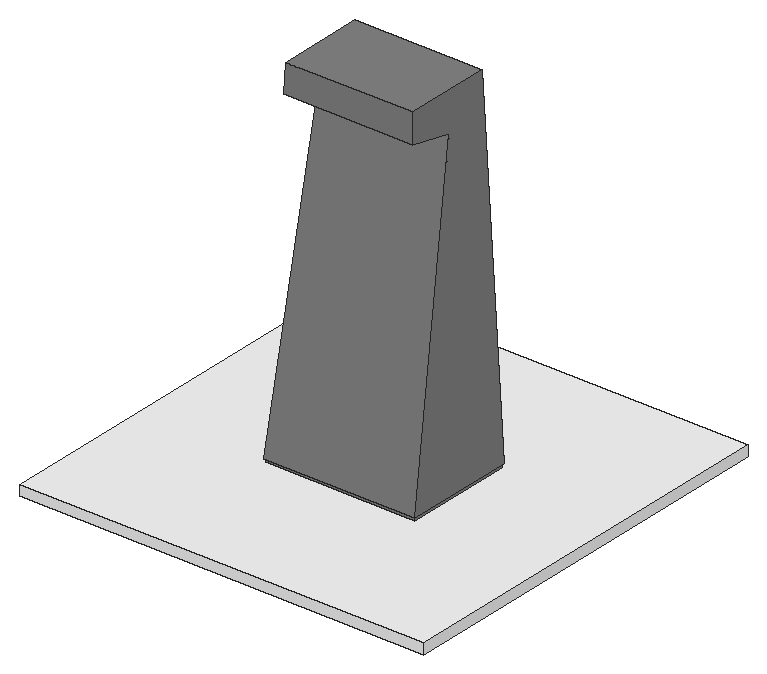
Revit family "BE_84176_de_DE", category Leuchten, Revit 2020
Family settings
  Basisbauteil = Fläche
  Bemaßung runder Anschluss = Durchmesser verwenden
  Teiletyp = Normal
  Beim Laden mit Abzugskörper schneiden = Ja
  Lichtquelle = Ja
  Gemeinsam genutzt = Nein
  Raumberechnungspunkt = Ja
Parameters (values of type "BEGA_84176_Grafit_K3")
  built-in parameter 1150104 = 18.06 (stored number, unit not read)
  Wattage = 11.6 W
  Default Elevation = 0 mm
  built-in parameter 1150113 = 1 (stored number, unit not read)
  built-in parameter 1114218 = 1 (stored number, unit not read)
  Umgebungstemperatur = "25 °C"
  URL = "https://www.bega.com/de/produkt/84176"
  Typenkommentare = "© 2022 BEGA. Wir behalten uns das Recht vor, technische Änderungen ohne vorherige Ankündigung vorzunehmen."  # constant formula
  Type Image = 84176.png
  built-in parameter 1150134 = (empty or 0)
  built-in parameter 1150109 = 1 (stored number, unit not read)
  Strom = ""
  built-in parameter 1150110 = 1 (stored number, unit not read)
  Spannung = 239.996 V
  Sonderanfertigung = no
  Seriennummer [instance] = "Hier können Sie die eindeutige Seriennummer für das Facility Management eintragen."
  Schutzklasse = "I"
  Schutzart = "IP 65"
  Scheinlast = 0 VA
  Produktdatenblatt = "https://cdn.bega.com/bega/products/84176AK3/current/documents/data-sheets/de"
  Oberflächentemperatur = ""
  Neigungswinkel = 0.00°
  Modell = "84176K3"
  Material_17 = BEGA_Reflektor
  Material_15 = BEGA_Leuchtmedium_matt
  Material_11 = BEGA_Glas_opal
  Material_09 = BEGA_Glas_klar
  Material_06 = BEGA_Oberfläche_Edelstahl_gebürstet
  Material_03 = BEGA_Oberfläche_Weiss_matt
  Material_02 = BEGA_Oberfläche_Silber_matt
  Material_01 [instance] = BEGA_Oberfläche_Grafit_matt
  M_W = no
  M_G = yes
  M_A = no
  Logo = 0
  built-in parameter 1114217 = 1 (stored number, unit not read)
  built-in parameter 1150139 = (empty or 0)
  built-in parameter 1150105 = 179.45 (stored number, unit not read)
  built-in parameter 1150114 = 1 (stored number, unit not read)
  Lumens = 2255.04 lm
  built-in parameter 1150115 = 1 (stored number, unit not read)
  Leuchtenlichtstrom = "851 lm"
  Leuchtenanzahl = ""
  Lebensdauerkriterien = "L70B50 @ 25 °C = 200000 h"
  Lastklassifizierung = Beleuchtung
  built-in parameter 1150112 = 1 (stored number, unit not read)
  Lampenlichtstrom = "2255 lm"
  Lampe = "LED 11.6 W"
  LED_Modulbezeichnung = "LED-0760/830"
  built-in parameter 1150142 = (empty or 0)
  Hersteller = "BEGA"  # constant formula
  Halbstreuwinkel = ""
  Gewicht = "2.55 kg"
  Gebrauchslageneinschränkung [instance] = ""
  Frequenz = "0/50-60 Hz"
  Farbwiedergabeindex = "CRI > 80"
  Farbtemperaturverschiebung bei Dämpfen der Lampe = <Keine Auswahl>
  Farbtemperatur = "3000 K"
  Color Filter = 16777215
  built-in parameter 1150133 = 10 (stored number, unit not read)
  Energieeffizienzklasse = "LED A++ - A"
  built-in parameter 1150137 = (empty or 0)
  built-in parameter 1150132 = (empty or 0)
  ENEC = "ja"
  Datei für fotometrisches Netz = "BE_84176K3.IES"
  CE_Konformität = "ja"
  Bestellnummer = "84176K3"
  Beschreibung_Sonderanfertigung = "Hier können Sie Informationen zur Sonderanfertigung eintragen."
  Beschreibung = "Garten- und Wegeleuchte"
  built-in parameter 1150106 = 1.7945 (stored number, unit not read)
  Befestigungsbohrung = "Ø 5 mm"
  Befestigungsabstand = "103 x 38 mm"
  Ballwurfsicher = ""
  BEGA_Intern_aus = yes
  BEGA_Intern_an = yes
  BEGA_Intern_Konstruktion = yes
  BEGA_Intern = yes
  BEGA_IES = yes
  BEGA_Dummy = no
  Anschlussleitung = ""
  Anschlussleistung [instance] = "13.6 W"
  built-in parameter 1150107 = 3000 (stored number, unit not read)
  built-in parameter 1150102 = (empty or 0)
  built-in parameter 1150138 = (empty or 0)
  Aktualisierung = "2022-05-19T04:00:07"
  Abstand_zur_angestrahlten_Fläche [instance] = ""
  AC/DC = "AC/DC"
Types (2, lengths in mm): name | Modell | M_G | M_A | Bestellnummer
  BEGA_84176_Silber_K3 | "84176AK3" | no | yes | "84176AK3"
  BEGA_84176_Grafit_K3 | "84176K3" | yes | no | "84176K3"
Reference planes
  plane 1 "Mitte (Vorne/Hinten)": y = 0
  plane 2: z = 0
  plane 3 "Mitte (Links/Rechts)": x = 0
  plane 4 "Links": x = -75
  plane 5 "Rechts": x = 74.939
  plane 6 "Unten": y = -55
  plane 7 "Oben": y = 55
  plane 8 "Vorne": z = 353.25
  plane 9 "Hinten": z = 0
Forms (mm)
  Extrusion 1, solid, material "BEGA_Platte_Weiss"
    sketch origin (0, -1119.2, 0) x (1, 0, 0) y (0, 1, 0)
      loop
        line (-200, 1319.2) -> (-200, 919.2) -> (200, 919.2) -> (200, 1319.2) -> (-200, 1319.2)
    from 0 to -10
  Extrusion 2, solid, material "BEGA_Dummy_matt", visible <- "BEGA_Dummy"
    sketch origin (80.095, -76.023, 0) x (1, 0, 0) y (0, 1, 0)
      loop
        line (-155.095, 131.023) -> (-155.095, 21.023) -> (-5.156, 21.023) -> (-5.156, 131.023) -> (-155.095, 131.023)
    from 0 to 353.25
Dimensions and locks
  plane 1 "Mitte (Vorne/Hinten)" to Extrusion 1 = 200 mm
  aligned and locked: plane 2 to Extrusion 1
  aligned and locked: level to Extrusion 1
Nested families
  nested 1: "BE_84176" at (0, 0, 0), type "BE_84176"
Connectors
  electrical at (0, 0, 0), driven by "Lastklassifizierung", driven by "Spannung", driven by "Scheinlast"
    settings: index 1, voltage 239.996 V, apparent load 0 VA, apparent load phase1 0 VA, apparent load phase2 0 VA, apparent load phase3 0 VA, power factor 1, load classification "Beleuchtung", number of poles 1, system type 31, power factor state 1, is connector primary yes, connector utility no, sub classification motor no, connector description ""
Definition of nested family "BE_84176"
  Parameters (values of type "BE_84176")
    Default Elevation = 1 mm
    URL = "http://www.bega.de/de/produkt"
    Type Comments = "© 2015 BEGA. Wir behalten uns das Recht vor, technische Änderungen ohne vorherige Ankündigung vorzunehmen. "  # constant formula
    Type Image = (empty or 0)
    Neigungswinkel_um_Z2 = 0.00°
    Neigungswinkel_um_Z1 = 0.00°
    Neigungswinkel_um_Y2 = 0.00°
    Neigungswinkel_um_Y1 = 0.00°
    Neigungswinkel_um_X2 = 0.00°
    Neigungswinkel_um_X1 = 0.00°
    Material_17 = none
    Material_15 = none
    Material_11 = none
    Material_10 = none
    Material_09 = none
    Material_06 = none
    Material_02 = none
    Material_01 = none
    M_W = yes
    M_G = yes
    M_A = yes
    Länge_Platte = 200 mm  # constant formula
    Höhe_Platte = -10 mm  # constant formula
    Manufacturer = "BEGA"  # constant formula
    Drehwinkel_um_Z2 = 0.00°
    Drehwinkel_um_Z1 = 0.00°
    Breite_Platte = 200 mm  # constant formula
  Reference planes
    plane 1 "Mitte (Oben/Unten)": y = 0
    plane 2: z = 0
    plane 3 "Mitte (Links/Rechts)": x = 0
    plane 4 "Hinten": z = -20
    plane 5 "Oben": y = 53.7
    plane 6 "Unten": y = -55
    plane 7: z = 353.25
    plane 8: x = -75
    plane 9: x = 74.939
  Forms (mm)
    Extrusion 1, solid, detail levels medium
      sketch origin (0, 0, 0) x (1, 0, 0) y (0, 1, 0)
        loop
          line (-100, 100) -> (-100, -100) -> (100, -100) -> (100, 100) -> (-100, 100)
      from 0 to -10 <- "Höhe_Platte"
    Extrusion 2, solid, material <- "Material_01", visible <- "M_G"
      sketch origin (0, 0, 0) x (1, 0, 0) y (0, 0, 1)
        loop
          line (-71.998, 3.25) -> (-59.882, 350.206) -> (59.882, 350.206) -> (71.998, 3.25) -> (75, 3.25) -> (62.778, 353.25) -> (-62.778, 353.25) -> (-75, 3.25) -> (-71.998, 3.25)
      from -57.698 to 59.769
    Extrusion 3, solid, material <- "Material_01", visible <- "M_G"
      sketch origin (0, 0, 0) x (0, 1, 0) y (0, 0, 1)
        loop
          line (-43.756, 325.25) -> (-42.288, 324.938) -> (-39.92, 328.729) -> (-37.163, 328.143) -> (-31.651, 350.25) -> (39.881, 350.25) -> (44.809, 209.123) -> (51.998, 3.25) -> (55, 3.25) -> (42.778, 353.25) -> (-42.778, 353.25) -> (-43.756, 325.25)
        loop
          line (3.381, 322.782) -> (-3.064, 321.964) -> (-3.246, 320.933) -> (-0.486, 320.347) -> (0.119, 315.843) -> (-55, 3.25) -> (-51.954, 3.25) -> (-28.18, 138.08) -> (3.132, 315.659) -> (3.381, 322.782)
      from -76.808 to 77.235
    Extrusion 4, solid, material <- "Material_10"
      sketch origin (0, 0, 0) x (0, 1, 0) y (0, 0, 1)
        loop
          line (-3.375, 321.983) -> (-36.632, 329.052) -> (-36.84, 328.074) -> (-39.628, 328.666) -> (-40.459, 324.754) -> (-1.627, 316.5) -> (-0.795, 320.412) -> (-3.583, 321.005) -> (-3.375, 321.983)
      from -60.4 to 60.4
    Extrusion 5, solid, material <- "Material_01"
      sketch origin (0, 0, 0) x (1, 0, 0) y (0, 1, 0)
        loop
          circle (0, 0) r 21.75
        loop
          line (-51.5, -38) -> (-51.5, -49.5) -> (-18.5, -49.5) -> (-18.5, -38) -> (-51.5, -38)
        loop
          line (18.5, -49.5) -> (51.5, -49.5) -> (51.5, -38) -> (18.5, -38) -> (18.5, -49.5)
        loop
          arc (-6.859, -38.9) -> (0, -39.5) -> (6.859, -38.9) r 39.5
          arc (6.859, -38.9) -> (10.509, -33.683) -> (5.289, -30.038) r 4.5
          arc (5.289, -30.038) -> (-0.007, -30.5) -> (-5.304, -30.035) r 30.5
          arc (-5.304, -30.035) -> (-10.51, -33.691) -> (-6.859, -38.9) r 4.5
        loop
          arc (51.89, -27.012) -> (54.971, -20.012) -> (57.112, -12.669) r 58.5
          arc (57.112, -12.669) -> (54.457, -8.488) -> (50.279, -11.147) r 3.5
          arc (50.279, -11.147) -> (48.395, -17.611) -> (45.684, -23.774) r 51.5
          arc (45.684, -23.774) -> (47.166, -28.499) -> (51.89, -27.012) r 3.5
        loop
          arc (37.118, 13.51) -> (34.205, 19.756) -> (30.25, 25.4) r 39.5
          arc (30.25, 25.4) -> (23.914, 25.94) -> (23.364, 19.605) r 4.5
          arc (23.364, 19.605) -> (26.417, 15.245) -> (28.665, 10.42) r 30.5
          arc (28.665, 10.42) -> (34.434, 7.744) -> (37.118, 13.51) r 4.5
        loop
          arc (50.279, 11.147) -> (54.457, 8.488) -> (57.112, 12.669) r 3.5
          arc (57.112, 12.669) -> (54.971, 20.012) -> (51.89, 27.012) r 58.5
          arc (51.89, 27.012) -> (47.166, 28.499) -> (45.684, 23.774) r 3.5
          arc (45.684, 23.774) -> (48.395, 17.611) -> (50.279, 11.147) r 51.5
        loop
          line (16.5, 38) -> (16.5, 49.5) -> (-16.5, 49.5) -> (-16.5, 38) -> (16.5, 38)
        loop
          arc (-30.25, 25.4) -> (-34.205, 19.756) -> (-37.118, 13.51) r 39.5
          arc (-37.118, 13.51) -> (-34.434, 7.744) -> (-28.665, 10.42) r 4.5
          arc (-28.665, 10.42) -> (-26.417, 15.245) -> (-23.364, 19.605) r 30.5
          arc (-23.364, 19.605) -> (-23.914, 25.941) -> (-30.25, 25.4) r 4.5
        loop
          arc (-45.685, 23.773) -> (-47.166, 28.499) -> (-51.89, 27.012) r 3.5
          arc (-51.89, 27.012) -> (-54.971, 20.012) -> (-57.112, 12.669) r 58.5
          arc (-57.112, 12.669) -> (-54.457, 8.488) -> (-50.279, 11.147) r 3.5
          arc (-50.279, 11.147) -> (-48.395, 17.61) -> (-45.685, 23.773) r 51.5
        loop
          arc (-50.279, -11.147) -> (-54.457, -8.488) -> (-57.112, -12.669) r 3.5
          arc (-57.112, -12.669) -> (-54.971, -20.012) -> (-51.89, -27.012) r 58.5
          arc (-51.89, -27.012) -> (-47.166, -28.499) -> (-45.685, -23.773) r 3.5
          arc (-45.685, -23.773) -> (-48.395, -17.61) -> (-50.279, -11.147) r 51.5
        loop
          line (-73.7, 53.7) -> (-73.7, -53.7) -> (73.7, -53.7) -> (73.7, 53.7) -> (-73.7, 53.7)
      from 0 to 5
    Extrusion 6, solid, material <- "Material_02", visible <- "M_A"
      sketch origin (0, 0, 0) x (1, 0, 0) y (0, 0, 1)
        loop
          line (-71.998, 3.25) -> (-59.882, 350.206) -> (59.882, 350.206) -> (71.998, 3.25) -> (75, 3.25) -> (62.778, 353.25) -> (-62.778, 353.25) -> (-75, 3.25) -> (-71.998, 3.25)
      from -57.698 to 59.769
    Extrusion 7, solid, material <- "Material_02", visible <- "M_A"
      sketch origin (0, 0, 0) x (0, 1, 0) y (0, 0, 1)
        loop
          line (-43.756, 325.25) -> (-42.288, 324.938) -> (-39.92, 328.729) -> (-37.163, 328.143) -> (-31.651, 350.25) -> (39.881, 350.25) -> (44.809, 209.123) -> (51.998, 3.25) -> (55, 3.25) -> (42.778, 353.25) -> (-42.778, 353.25) -> (-43.756, 325.25)
        loop
          line (3.381, 322.782) -> (-3.064, 321.964) -> (-3.246, 320.933) -> (-0.486, 320.347) -> (0.119, 315.843) -> (-55, 3.25) -> (-51.954, 3.25) -> (-28.18, 138.08) -> (3.132, 315.659) -> (3.381, 322.782)
      from -76.808 to 77.235
    Extrusion 8, void
      sketch origin (0, 0, 0) x (0, 1, 0) y (0, 0, 1)
        loop
          line (55, 3.25) -> (57.698, 3.25) -> (57.698, 353.25) -> (42.778, 353.25) -> (55, 3.25)
        loop
          line (-59.769, 353.25) -> (-59.769, 3.25) -> (-55, 3.25) -> (0.132, 315.921) -> (-43.756, 325.25) -> (-42.778, 353.25) -> (-59.769, 353.25)
      from -88.592 to 85.693
    Extrusion 9, void
      sketch origin (0, 0, 0) x (1, 0, 0) y (0, 0, 1)
        loop
          line (-75, 3.25) -> (-62.778, 353.25) -> (-137.222, 353.25) -> (-125, 3.25) -> (-75, 3.25)
        loop
          line (75, 3.25) -> (125, 3.25) -> (137.222, 353.25) -> (62.778, 353.25) -> (75, 3.25)
      from -57.291 to 58.35
  Cuts and joins
    Extrusion 8 cuts Extrusion 2
    Extrusion 8, Extrusion 9 cuts Extrusion 3
    joined: Extrusion 2, Extrusion 3
    Extrusion 8 cuts Extrusion 6
    Extrusion 8, Extrusion 9 cuts Extrusion 7
    joined: Extrusion 6, Extrusion 7
  Dimensions and locks
    equal spacing: Extrusion 1 sketch curve, plane 3 "Mitte (Links/Rechts)", Extrusion 1 sketch curve
    equal spacing: Extrusion 1 sketch curve, plane 1 "Mitte (Oben/Unten)", Extrusion 1 sketch curve
    "Länge_Platte": Extrusion 1 sketch curve to Extrusion 1 sketch curve
    "Breite_Platte": Extrusion 1 sketch curve to Extrusion 1 sketch curve
    aligned and locked: plane 2 to Extrusion 1
    aligned and locked: level to Extrusion 1
  Automatic sketch dimensions
    Extrusion 2 sketch curve to plane 3 "Mitte (Links/Rechts)" = 62.778 mm
    Extrusion 2 sketch curve to plane 3 "Mitte (Links/Rechts)" = 59.882 mm
    Extrusion 2 sketch curve to Extrusion 2 sketch curve = 12.116 mm
    Extrusion 2 sketch curve to Extrusion 2 sketch curve = 3.002 mm  (x2)
    plane 3 "Mitte (Links/Rechts)" to Extrusion 2 sketch curve = 59.882 mm
    plane 3 "Mitte (Links/Rechts)" to Extrusion 2 sketch curve = 71.998 mm
    level to Extrusion 2 sketch curve = 3.25 mm  (x2)
    Extrusion 2 sketch curve to Extrusion 2 sketch curve = 346.956 mm
    Extrusion 2 sketch curve to Extrusion 2 sketch curve = 2.896 mm
    Extrusion 2 sketch curve to Extrusion 2 sketch curve = 3.044 mm
    plane 1 "Mitte (Oben/Unten)" to Extrusion 3 sketch curve = 42.778 mm
    Extrusion 3 sketch curve to Extrusion 3 sketch curve = 0.978 mm
    Extrusion 3 sketch curve to Extrusion 3 sketch curve = 28 mm
    plane 1 "Mitte (Oben/Unten)" to Extrusion 3 sketch curve = 3.064 mm
    Extrusion 3 sketch curve to Extrusion 3 sketch curve = 31.286 mm
    Extrusion 3 sketch curve to Extrusion 3 sketch curve = 1.467 mm
    Extrusion 3 sketch curve to Extrusion 3 sketch curve = 2.369 mm
    Extrusion 3 sketch curve to Extrusion 3 sketch curve = 11.126 mm
    Extrusion 3 sketch curve to Extrusion 3 sketch curve = 0.182 mm
    Extrusion 3 sketch curve to plane 1 "Mitte (Oben/Unten)" = 39.881 mm
    Extrusion 3 sketch curve to plane 1 "Mitte (Oben/Unten)" = 3.381 mm
    Extrusion 3 sketch curve to Extrusion 3 sketch curve = 2.897 mm
    level to Extrusion 3 sketch curve = 3.25 mm  (x2)
    Extrusion 3 sketch curve to Extrusion 3 sketch curve = 0.312 mm
    Extrusion 3 sketch curve to Extrusion 3 sketch curve = 0.817 mm
    Extrusion 3 sketch curve to Extrusion 3 sketch curve = 1.031 mm
    Extrusion 3 sketch curve to Extrusion 3 sketch curve = 3.205 mm
    Extrusion 3 sketch curve to Extrusion 3 sketch curve = 0.586 mm
    Extrusion 3 sketch curve to Extrusion 3 sketch curve = 3 mm
    plane 1 "Mitte (Oben/Unten)" to Extrusion 3 sketch curve = 0.486 mm
    Extrusion 3 sketch curve to plane 1 "Mitte (Oben/Unten)" = 0.119 mm
    Extrusion 3 sketch curve to Extrusion 3 sketch curve = 3.014 mm
    Extrusion 3 sketch curve to Extrusion 3 sketch curve = 5.09 mm
    Extrusion 3 sketch curve to Extrusion 3 sketch curve = 0.185 mm
    Extrusion 3 sketch curve to Extrusion 3 sketch curve = 0.587 mm
    plane 1 "Mitte (Oben/Unten)" to Extrusion 3 sketch curve = 55 mm
    plane 1 "Mitte (Oben/Unten)" to Extrusion 3 sketch curve = 28.18 mm
    Extrusion 3 sketch curve to Extrusion 3 sketch curve = 3.046 mm
    Extrusion 3 sketch curve to Extrusion 3 sketch curve = 0 mm  (x2)
    Extrusion 3 sketch curve to plane 1 "Mitte (Oben/Unten)" = 51.998 mm
    Extrusion 3 sketch curve to Extrusion 3 sketch curve = 3.002 mm
    Extrusion 3 sketch curve to Extrusion 3 sketch curve = 205.873 mm
    Extrusion 3 sketch curve to plane 1 "Mitte (Oben/Unten)" = 44.809 mm  (x2)
    Extrusion 3 sketch curve to Extrusion 3 sketch curve = 2.756 mm
    plane 1 "Mitte (Oben/Unten)" to Extrusion 4 sketch curve = 36.632 mm
    Extrusion 4 sketch curve to Extrusion 4 sketch curve = 0.208 mm  (x2)
    plane 1 "Mitte (Oben/Unten)" to Extrusion 4 sketch curve = 3.375 mm
    Extrusion 4 sketch curve to Extrusion 4 sketch curve = 0.978 mm  (x2)
    Extrusion 4 sketch curve to Extrusion 4 sketch curve = 7.069 mm
    Extrusion 4 sketch curve to Extrusion 4 sketch curve = 2.788 mm
    Extrusion 4 sketch curve to Extrusion 4 sketch curve = 0.593 mm  (x2)
    Extrusion 4 sketch curve to Extrusion 4 sketch curve = 0.832 mm
    plane 1 "Mitte (Oben/Unten)" to Extrusion 4 sketch curve = 1.627 mm
    Extrusion 4 sketch curve to Extrusion 4 sketch curve = 4.505 mm
    Extrusion 4 sketch curve to Extrusion 4 sketch curve = 3.913 mm
    plane 1 "Mitte (Oben/Unten)" to Extrusion 4 sketch curve = 0.795 mm
    Extrusion 5 sketch curve to Extrusion 5 sketch curve = 0 mm  (x50)
    plane 1 "Mitte (Oben/Unten)" to Extrusion 5 sketch curve = 0 mm
    Extrusion 5 sketch curve to plane 3 "Mitte (Links/Rechts)" = 0 mm
    Extrusion 5 sketch curve to plane 3 "Mitte (Links/Rechts)" = 6.078 mm
    Extrusion 5 sketch curve to plane 3 "Mitte (Links/Rechts)" = 26.812 mm
    Extrusion 5 sketch curve to Extrusion 5 sketch curve = 6.078 mm  (x2)
    Extrusion 5 sketch curve to Extrusion 5 sketch curve = 15.896 mm  (x4)
    Extrusion 5 sketch curve to Extrusion 5 sketch curve = 4.911 mm  (x4)
    plane 3 "Mitte (Links/Rechts)" to Extrusion 5 sketch curve = 6.078 mm
    plane 1 "Mitte (Oben/Unten)" to Extrusion 5 sketch curve = 11.904 mm  (x2)
    Extrusion 5 sketch curve to Extrusion 5 sketch curve = 13.492 mm  (x4)
    plane 1 "Mitte (Oben/Unten)" to Extrusion 5 sketch curve = 34.468 mm
    Extrusion 5 sketch curve to plane 1 "Mitte (Oben/Unten)" = 11.904 mm  (x2)
    Extrusion 5 sketch curve to plane 1 "Mitte (Oben/Unten)" = 11.971 mm  (x2)
    Extrusion 5 sketch curve to Extrusion 5 sketch curve = 10.527 mm  (x2)
    Extrusion 5 sketch curve to Extrusion 5 sketch curve = 0.774 mm
    Extrusion 5 sketch curve to Extrusion 5 sketch curve = 0.781 mm  (x2)
    Extrusion 5 sketch curve to plane 3 "Mitte (Links/Rechts)" = 16.5 mm
    Extrusion 5 sketch curve to Extrusion 5 sketch curve = 11.641 mm  (x2)
    Extrusion 5 sketch curve to Extrusion 5 sketch curve = 3.447 mm  (x2)
    Extrusion 5 sketch curve to Extrusion 5 sketch curve = 4.224 mm  (x2)
    Extrusion 5 sketch curve to Extrusion 5 sketch curve = 3.439 mm  (x2)
    Extrusion 5 sketch curve to Extrusion 5 sketch curve = 4.229 mm  (x2)
    Extrusion 5 sketch curve to Extrusion 5 sketch curve = 3.101 mm  (x4)
    Extrusion 5 sketch curve to Extrusion 5 sketch curve = 2.714 mm  (x2)
    Extrusion 5 sketch curve to Extrusion 5 sketch curve = 3.417 mm  (x4)
    Extrusion 5 sketch curve to Extrusion 5 sketch curve = 3.105 mm  (x4)
    Extrusion 5 sketch curve to Extrusion 5 sketch curve = 3.415 mm  (x4)
    Extrusion 5 sketch curve to Extrusion 5 sketch curve = 0.789 mm
    plane 3 "Mitte (Links/Rechts)" to Extrusion 5 sketch curve = 16.5 mm
    Extrusion 5 sketch curve to Extrusion 5 sketch curve = 0.758 mm  (x4)
    Extrusion 5 sketch curve to Extrusion 5 sketch curve = 4.433 mm
    Extrusion 5 sketch curve to Extrusion 5 sketch curve = 0.9 mm
    Extrusion 5 sketch curve to Extrusion 5 sketch curve = 10.988 mm
    Extrusion 5 sketch curve to Extrusion 5 sketch curve = 11.5 mm  (x3)
    Extrusion 5 sketch curve to Extrusion 5 sketch curve = 1.551 mm  (x2)
    Extrusion 5 sketch curve to Extrusion 5 sketch curve = 15.502 mm
    Extrusion 5 sketch curve to Extrusion 5 sketch curve = 22.2 mm  (x2)
    Extrusion 5 sketch curve to Extrusion 5 sketch curve = 4.2 mm
    Extrusion 5 sketch curve to Extrusion 5 sketch curve = 26.688 mm  (x2)
    level to Extrusion 6 sketch curve = 3.25 mm  (x2)
    Extrusion 6 sketch curve to plane 3 "Mitte (Links/Rechts)" = 75 mm
    Extrusion 6 sketch curve to Extrusion 6 sketch curve = 3.002 mm  (x2)
    Extrusion 6 sketch curve to plane 3 "Mitte (Links/Rechts)" = 62.778 mm
    Extrusion 6 sketch curve to Extrusion 6 sketch curve = 2.896 mm  (x2)
    plane 3 "Mitte (Links/Rechts)" to Extrusion 6 sketch curve = 59.882 mm
    plane 3 "Mitte (Links/Rechts)" to Extrusion 6 sketch curve = 71.998 mm
    Extrusion 6 sketch curve to Extrusion 6 sketch curve = 3.044 mm
    level to Extrusion 7 sketch curve = 3.25 mm  (x2)
    plane 1 "Mitte (Oben/Unten)" to Extrusion 7 sketch curve = 55 mm
    Extrusion 7 sketch curve to Extrusion 7 sketch curve = 3.046 mm
    plane 1 "Mitte (Oben/Unten)" to Extrusion 7 sketch curve = 43.756 mm
    Extrusion 7 sketch curve to Extrusion 7 sketch curve = 0.978 mm
    Extrusion 7 sketch curve to Extrusion 7 sketch curve = 1.467 mm
    Extrusion 7 sketch curve to Extrusion 7 sketch curve = 2.369 mm
    Extrusion 7 sketch curve to Extrusion 7 sketch curve = 2.756 mm
    Extrusion 7 sketch curve to Extrusion 7 sketch curve = 11.126 mm
    plane 1 "Mitte (Oben/Unten)" to Extrusion 7 sketch curve = 3.246 mm
    Extrusion 7 sketch curve to Extrusion 7 sketch curve = 0.182 mm
    plane 1 "Mitte (Oben/Unten)" to Extrusion 7 sketch curve = 0.486 mm
    Extrusion 7 sketch curve to plane 1 "Mitte (Oben/Unten)" = 0.119 mm
    Extrusion 7 sketch curve to Extrusion 7 sketch curve = 3.014 mm
    Extrusion 7 sketch curve to plane 1 "Mitte (Oben/Unten)" = 3.381 mm
    Extrusion 7 sketch curve to plane 1 "Mitte (Oben/Unten)" = 39.881 mm
    Extrusion 7 sketch curve to Extrusion 7 sketch curve = 2.897 mm
    Extrusion 7 sketch curve to plane 1 "Mitte (Oben/Unten)" = 51.998 mm
    Extrusion 7 sketch curve to Extrusion 7 sketch curve = 3.002 mm
    Extrusion 7 sketch curve to Extrusion 7 sketch curve = 0.185 mm
    Extrusion 7 sketch curve to Extrusion 7 sketch curve = 4.503 mm
    Extrusion 7 sketch curve to Extrusion 7 sketch curve = 0.587 mm
    Extrusion 7 sketch curve to Extrusion 7 sketch curve = 1.031 mm
    Extrusion 7 sketch curve to Extrusion 7 sketch curve = 2.435 mm
    Extrusion 7 sketch curve to Extrusion 7 sketch curve = 4.005 mm
    Extrusion 7 sketch curve to Extrusion 7 sketch curve = 0.312 mm
    Extrusion 7 sketch curve to Extrusion 7 sketch curve = 3.205 mm
    Extrusion 7 sketch curve to Extrusion 7 sketch curve = 0.586 mm
    Extrusion 7 sketch curve to Extrusion 7 sketch curve = 27.468 mm
    Extrusion 7 sketch curve to Extrusion 7 sketch curve = 3 mm
    plane 1 "Mitte (Oben/Unten)" to Extrusion 7 sketch curve = 28.18 mm
    Extrusion 7 sketch curve to Extrusion 7 sketch curve = 0 mm  (x3)
    Extrusion 7 sketch curve to plane 1 "Mitte (Oben/Unten)" = 44.809 mm
    level to Extrusion 8 sketch curve = 3.25 mm  (x2)
    plane 1 "Mitte (Oben/Unten)" to Extrusion 8 sketch curve = 59.769 mm
    Extrusion 8 sketch curve to Extrusion 8 sketch curve = 4.769 mm
    Extrusion 8 sketch curve to Extrusion 8 sketch curve = 16.014 mm
    Extrusion 8 sketch curve to plane 1 "Mitte (Oben/Unten)" = 0.132 mm
    Extrusion 8 sketch curve to plane 1 "Mitte (Oben/Unten)" = 42.778 mm
    Extrusion 8 sketch curve to plane 1 "Mitte (Oben/Unten)" = 55 mm
    Extrusion 8 sketch curve to Extrusion 8 sketch curve = 14.92 mm
    Extrusion 8 sketch curve to Extrusion 8 sketch curve = 9.329 mm
    Extrusion 8 sketch curve to Extrusion 8 sketch curve = 37.329 mm
    Extrusion 8 sketch curve to Extrusion 8 sketch curve = 16.991 mm
    Extrusion 8 sketch curve to Extrusion 8 sketch curve = 28 mm
    level to Extrusion 9 sketch curve = 3.25 mm  (x2)
    Extrusion 9 sketch curve to Extrusion 9 sketch curve = 50 mm  (x2)
    Extrusion 9 sketch curve to plane 3 "Mitte (Links/Rechts)" = 62.778 mm
    plane 3 "Mitte (Links/Rechts)" to Extrusion 9 sketch curve = 62.778 mm
    plane 3 "Mitte (Links/Rechts)" to Extrusion 9 sketch curve = 75 mm
    Extrusion 9 sketch curve to Extrusion 9 sketch curve = 0 mm
    Extrusion 3 sketch curve to Extrusion 3 sketch curve = 106.536 mm
    Extrusion 3 sketch curve to Extrusion 3 sketch curve = 71.043 mm
    Extrusion 3 sketch curve to Extrusion 3 sketch curve = 0.037 mm
    level to Extrusion 4 sketch curve = 316.5 mm
    Extrusion 6 sketch curve to Extrusion 6 sketch curve = 346.956 mm
    level to Extrusion 7 sketch curve = 315.659 mm
    Extrusion 7 sketch curve to Extrusion 7 sketch curve = 134.83 mm
    Extrusion 7 sketch curve to Extrusion 7 sketch curve = 71.006 mm
    Extrusion 7 sketch curve to Extrusion 7 sketch curve = 0.037 mm
    level to Extrusion 8 sketch curve = 315.921 mm
    Extrusion 9 sketch curve to Extrusion 9 sketch curve = 350 mm
    Extrusion 9 sketch curve to plane 3 "Mitte (Links/Rechts)" = 75 mm
    Extrusion 9 sketch curve to Extrusion 9 sketch curve = 74.445 mm  (x2)
    radius of Extrusion 5 sketch curve = 21.75 mm
